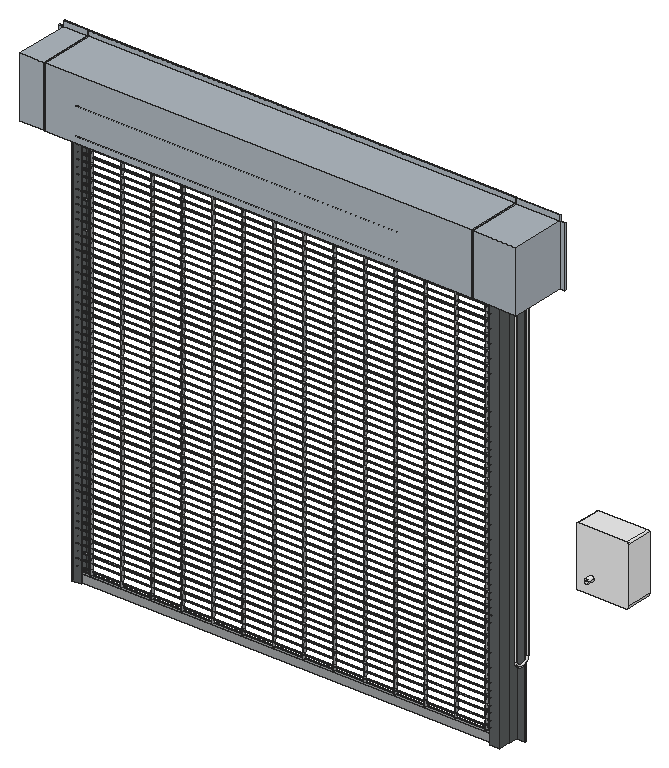
Revit family "Doors_Industrial_Wayne-Dalton_Advanced-Rolling-Grilles-Model-600-ADV", category Specialty Equipment, host Wall, Revit 2026
Family settings
  Host = Wall
  Round Connector Dimension = Use Diameter
  Part Type = Normal
  Classification Number = 23.30.10.21.34
  Enable Cutting in Views = No
  Always vertical = Yes
  Cut with Voids When Loaded = Yes
  Maintain Annotation Orientation = No
  Shared = No
  Room Calculation Point = No
Parameters (values of type "208 volts, one phase, 60 Hz (208-240V range)")
  Warning Sign [instance] = if(Calculated Area > 683.00 SF, 1 = 1, 1 = 2)  # no
  Warning (Note) [instance] = if(Warning Sign, "The Door Area is out of the limit; please adjust accordingly. The maximum allowed area is 683 sq. ft.", if(Opening Height > 360", "Headroom Clearance Dimensions - out of the limits. Consult Factory", " "))  # " "
  Wall Thickness [instance] = 6"
  Voltage = 208 V
  True Opening Width [instance] = Clear Width  # 120"
  True Opening Height [instance] = Clear Height  # 120"
  Default Elevation = 0"
  Curtain Option [instance] = 1
  Slat Length [instance] = Clear Width + G Value * 2 - 1" / 2 * 2  # 126"
  Slat Height [instance] = 8"  # constant formula
  Curtain Option Real [instance] = if(Curtain Option < 2, 1, 2)  # 1
  Product Page URL = "https://www.wayne-dalton.com/advanced-rolling-grille-systems-600adv"
  Power Factor = 1
  Powder Coat (Note) = "PowderGuard® Premium powder coat finish options are available in approximately 200 colors as well as custom matching to specification. PowderGuard® Textured finish, a thicker, more scratch resistant coat, is available in 11 colors providing enhanced scratch resistance as well as aiding in hiding the dirt and blemishes that often occur in commercial environments.​"  # constant formula
  Opening Width Real [instance] = if(Opening Width > Max Opening Width, Max Opening Width, if(Opening Width < Min Opening Width, Min Opening Width, Opening Width))  # 120"
  Opening Width [instance] = 120"
  Opening Height Real [instance] = if(Opening Height > Max Opening Height, Max Opening Height, if(Opening Height < Min Opening Height, Min Opening Height, Opening Height))  # 120"
  Opening Height [instance] = 120"
  One Array element [instance] = not(Array Vis)  # no
  Number of Poles = 1
  Motor Position [instance] = M Value - G Value  # 2 3/4"
  Min Opening Width [instance] = 18"  # constant formula
  Min Opening Height [instance] = 24"  # constant formula
  Max Opening Width [instance] = 360"  # constant formula
  Max Opening Height [instance] = 172"  # constant formula
  M Value [instance] = if(or(Opening Width < 108", Opening Width = 108"), 5 3/4", if(or(Opening Width < 180", Opening Width = 180"), 6 1/4", if(or(Opening Width < 240", Opening Width = 240"), 7 1/4", 9 1/4")))  # 6 1/4"
  Installation Real [instance] = Wall Thickness  # 6"
  Hood Type [instance] = "Square Hood"  # constant formula
  Hood Offset [instance] = 4"  # constant formula
  Hood Material [instance] = Metal - Wayne Dalton - Gray
  Hood Height [instance] = A Value + 2"  # 18"
  Headroom Height Real [instance] = Hood Offset + Hood Height  # 22"
  Headroom Height [instance] = Headroom Height Real + 1 1/2"  # 23 1/2"
  Guide Type [instance] = "Angled Z Guide"  # constant formula
  Guid Depth [instance] = D Value  # 6 1/4"
  G Value [instance] = if(or(Opening Width < 108", Opening Width = 108"), 3", if(or(Opening Width < 180", Opening Width = 180"), 3 1/2", if(or(Opening Width < 240", Opening Width = 240"), 4", 5 9/16")))  # 3 1/2"
  Frequency = 60 Hz
  Face of Wall Offset [instance] = 5"  # constant formula
  Door Width True [instance] = Clear Width + M Value * 2  # 132 1/2"
  Door Width (Real) [instance] = Clear Width + 1"  # 121"
  Door Height True [instance] = Clear Width + Headroom Height  # 143 1/2"
  Door Height (Real) [instance] = Clear Height + Hood Offset  # 124"
  URL = "https://www.wayne-dalton.com/"
  Product data url = "https://www.bimobject.com/wayne-dalton/product/advanced-rolling-grille-systems-600adv"
  Product Guid = "caa39c98-f0d5-4229-9409-0c06314633e1"
  Model = "600 ADV"  # constant formula
  Manufacturer = "Wayne Dalton"  # constant formula
  Wall Closure = By host
  Floor To (CL) of Shaft [instance] = Clear Height + Hood Height / 2 + Hood Offset  # 133"
  Finish Material = Finish - Wayne Dalton - Black
  Description = "Model 600 ADV Advanced Rolling Grille"  # constant formula
  D Value [instance] = if(or(Opening Width < 108", Opening Width = 108"), 5 11/16", if(or(Opening Width < 180", Opening Width = 180"), 6 1/4", if(or(Opening Width < 240", Opening Width = 240"), 6 3/16", 7 1/16")))  # 6 1/4"
  Curtain Type [instance] = if(Curtain Option < 2, "Lattice", "Brick")  # "Lattice"
  Curtain Material Type [instance] = 600 ADV : Aluminum
  Curtain Material 1 [instance] = 600 ADV : Aluminum
  Clear Width [instance] = Opening Width Real  # 120"
  Clear Height [instance] = Opening Height Real  # 120"
  Current = 20 A
  Bottom Bar Selection [instance] = if(Curtain Material Type = Curtain Material 1, 1, 2)  # 1
  Backroom Depth [instance] = A Value + 1/2"  # 16 1/2"
  BJ Displacement Real [instance] = 0"  # constant formula
  Array Vis [instance] = if(Array < 2, 1 = 2, 1 = 1)  # yes
  Array Real [instance] = if(Array < 2, 2, Array)  # 16
  Array Length [instance] = (Array) * Slat Height  # 128"
  Array [instance] = rounddown(([Door Height (Real)] - 3") / Slat Height) + 1  # 16
  Calculated Area [instance] = [Door Width (Real)] * [Door Height (Real)]  # 104.194 SF
  Apparent Load Phase 3 = if(Number of Poles = 1, 0 VA, (Voltage * Current * sqrt(3)) / 3)  # 0 VA
  Apparent Load Phase 2 = if(Number of Poles = 1, 0 VA, (Voltage * Current * sqrt(3)) / 3)  # 0 VA
  Apparent Load Phase 1 = if(Number of Poles = 1, Voltage * Current, (Voltage * Current * sqrt(3)) / 3)  # 4160 VA
  A Value [instance] = if(or(Clear Height < 72", Clear Height = 72"), 14", if(or(Clear Height < 120", Clear Height = 120"), 16", 18"))  # 16"
Types (6): name | Voltage | Number of Poles | Apparent Load Phase 3 | Apparent Load Phase 2 | Apparent Load Phase 1
  208 volts, one phase, 60 Hz (208-240V range) | 208 V | 1 | 0 VA | 0 VA | 4160 VA
  220 volts, one phase, 60 Hz (220-240V range) | 220 V | 1 | 0 VA | 0 VA | 4400 VA
  208 volts, three phase, 60 Hz (208-240V range) | 208 V | 3 | 2401.78 VA | 2401.78 VA | 2401.78 VA
  230 volts, three phase, 60 Hz (220-240V range) | 230 V | 3 | 2655.81 VA | 2655.81 VA | 2655.81 VA
  460 volts, three phase, 60 Hz (440-480 V range) | 460 V | 3 | 5311.62 VA | 5311.62 VA | 5311.62 VA
  575 volts, three phase, 60 Hz | 575 V | 3 | 6639.53 VA | 6639.53 VA | 6639.53 VA
Reference planes (in)
  plane 1 "Center (Front/Back)": y = -14.625
  plane 2 "Center (Left/Right)": x = 0
  plane 3 "Left": x = -60
  plane 4 "Right": x = 60
  plane 5 "Exterior": y = -8.625
  plane 6 "Interior": y = -14.625
  plane 7: x = 66.25
  plane 8: x = -66.25
  plane 9: z = 120
  plane 10 "Main": y = -20.125
  plane 11 "Backroom Depth": y = -32.125
  plane 12 "Main Door Block": y = -15.625
  plane 13 "Bottom Bar": z = 2.75
  plane 14: y = -20.875
  plane 15: z = 130.75
  plane 16: z = 142
  plane 17: z = 124
  plane 18: z = 143.5
  plane 19: z = 0
  plane 20: z = 60
  plane 21: y = -20.03125
  plane 22: y = 18.375
  plane 23: y = -41.625
  plane 24 "Headroom Top": z = 143.5
  plane 25: z = 133
  plane 26: x = 63.5
  plane 27: x = -63.5
  plane 28: z = 122.75
  plane 29: z = 2.75
  plane 30: y = -20.125
  plane 31: z = 122.75
  plane 32: y = -20.125
  plane 33: z = 10.75
  plane 34: y = -20.125
  plane 35: z = 18.75
  plane 36: y = -20.125
  plane 37: z = 26.75
  plane 38: y = -20.125
  plane 39: z = 34.75
  plane 40: y = -20.125
  plane 41: z = 42.75
  plane 42: y = -20.125
  plane 43: z = 50.75
  plane 44: y = -20.125
  plane 45: z = 58.75
  plane 46: y = -20.125
  plane 47: z = 66.75
  plane 48: y = -20.125
  plane 49: z = 74.75
  plane 50: y = -20.125
  plane 51: z = 82.75
  plane 52: y = -20.125
  plane 53: z = 90.75
  plane 54: y = -20.125
  plane 55: z = 98.75
  plane 56: y = -20.125
  plane 57: z = 106.75
  plane 58: y = -20.125
  plane 59: z = 114.75
  plane 60: y = -20.125
Forms (in)
  Extrusion 1, void
    sketch origin (0, -15.625, 0) x (0, 0, -1) y (-1, 0, 0)
      loop
        line (-120, 60) -> (-120, -60) -> (0, -60) -> (0, 60) -> (-120, 60)
    from 1 to 7
Text (in)
  text "Exterior" at (-74.96733, 27.31104, 0), in view "Ref. Level"
  text "Interior" at (-74.96733, -25.14366, 0), in view "Ref. Level"
  text "Exterior" at (0, 40.15149, 123.01588), in view "Right"
  text "Interior" at (0, -64.39139, 123.01588), in view "Right"
  text "Interior" at (0, -31.01599, 123.00693), in view "Left"
  text "Exterior" at (0, 54.57065, 123.00693), in view "Left"
Dimensions and locks (in)
  equal spacing: plane 3 "Left", plane 2 "Center (Left/Right)", plane 4 "Right"
  "Clear Width": plane 3 "Left" to plane 4 "Right"
  level to host wall = 459.59655"
  "Clear Height": level to plane 9
  plane 7 to plane 8 = 132 1/2"
  equal spacing: plane 7, plane 2 "Center (Left/Right)", plane 8
  locked: plane 13 "Bottom Bar" to level at 2.75
  "Door Width True": plane 7 to plane 8
  "Array Length": plane 15 to plane 13 "Bottom Bar"
  "Backroom Depth": plane 11 "Backroom Depth" to plane 12 "Main Door Block"
  "Hood Height": plane 16 to plane 17
  locked: plane 18 to plane 16 at 1.5
  "Installation Real": plane 1 "Center (Front/Back)" to plane 5 "Exterior"
  "Wall Thickness": host wall to host wall
  equal spacing: plane 9, plane 20, plane 19
  equal spacing: plane 22, host wall, plane 23
  locked: plane 22 to plane 23 at 60
  "Hood Offset": plane 17 to plane 9
  "Headroom Height": plane 24 "Headroom Top" to plane 9
  "Floor To (CL) of Shaft": plane 25 to level
  "Motor Position": plane 7 to plane 26
  "Motor Position": plane 27 to plane 8
  "Guid Depth": plane 14 to plane 1 "Center (Front/Back)"
  "Slat Height": plane 15 to plane 28
  equal spacing: group 2, group 16, group 15, group 14, group 13, group 12, group 11, group 10, group 9, group 8, group 7, group 6, group 5, group 4, group 3, group 1  (x2)
  equal spacing: group 1, group 3, group 4, group 5, group 6, group 7, group 8, group 9, group 10, group 11, group 12, group 13, group 14, group 15, group 16, group 2
  locked: plane 14 to plane 10 "Main" at 0.75
  locked: plane 14 to plane 21 at 0.84375
  aligned and locked: plane 5 "Exterior" to host wall
  aligned and locked: host wall to plane 6 "Interior"
  aligned and locked: level to Extrusion 1 sketch curve
  aligned and locked: Extrusion 1 to plane 5 "Exterior"
  aligned and locked: plane 6 "Interior" to Extrusion 1
  aligned and locked: nested 1 to plane 2 "Center (Left/Right)"
  aligned and locked: nested 1 to level
  aligned and locked: level to plane 19
  aligned and locked: nested 1 to plane 1 "Center (Front/Back)"
  aligned and locked: plane 2 "Center (Left/Right)" to nested 2
  aligned and locked: nested 2 to plane 22
  aligned and locked: plane 23 to nested 3
  aligned and locked: nested 3 to plane 2 "Center (Left/Right)"
  aligned and locked: nested 4 to plane 20
  aligned and locked: plane 2 "Center (Left/Right)" to nested 4
  aligned and locked: nested 4 to plane 21
  aligned and locked: plane 4 "Right" to Extrusion 1 sketch curve
  aligned and locked: plane 3 "Left" to Extrusion 1 sketch curve
  aligned and locked: Extrusion 1 sketch curve to plane 9
  aligned and locked: plane 13 "Bottom Bar" to plane 29
  aligned and locked: plane 30 to plane 10 "Main"
  aligned and locked: plane 32 to plane 10 "Main"
  aligned and locked: plane 28 to plane 31
Nested families (in)
  nested 1: "Lifts" at (0, -14.625, 0), type "Frame Unit"
    with Square Hood yes, Round Hood no, Right Motor Position yes, Octagon Hood no, No Hood no
  nested 2: "Label Annotation 1" at (0, 18.375, 0), visible <- "Warning Sign", type "Label Annotation 1"
  nested 3: "Label Annotation 1" at (0, -41.625, 0) x (-1, 0, 0) z (0, 0, 1), visible <- "Warning Sign", type "Label Annotation 1"
  nested 4: "Warning Sign" at (0, -20.03125, 60), visible <- "Warning Sign", type "Warning Sign"
    with Warning Sign no
  nested 5: "600 ADV" at (0, -20.125, 2.75), type <- "Curtain Material Type", Opening Width <- "Slat Length", Slat Option <- "Curtain Option Real", type "Aluminum"
    with Step H 9", Slat Option 1, SetBack 2", Second Rod Position 1.38", Overall Height 8.38", Opening Width 126", Lattice yes, First Rod Position 1", Brick End yes, Brick no, Array Visibility yes, Array Real 13, Array Length 117.16", Array 13, 1 Element Visibility no
  nested 6: "600 ADV" at (0, -20.125, 122.75), type <- "Curtain Material Type", Opening Width <- "Slat Length", Slat Option <- "Curtain Option Real", type "Aluminum"
    with Step H 9", Slat Option 1, SetBack 2", Second Rod Position 1.38", Overall Height 8.38", Opening Width 126", Lattice yes, First Rod Position 1", Brick End yes, Brick no, Array Visibility yes, Array Real 13, Array Length 117.16", Array 13, 1 Element Visibility no
  nested 7: "600 ADV" at (0, -20.125, 10.75), type <- "Curtain Material Type", Opening Width <- "Slat Length", Slat Option <- "Curtain Option Real", type "Aluminum"
    with Step H 9", Slat Option 1, SetBack 2", Second Rod Position 1.38", Overall Height 8.38", Opening Width 126", Lattice yes, First Rod Position 1", Brick End yes, Brick no, Array Visibility yes, Array Real 13, Array Length 117.16", Array 13, 1 Element Visibility no
  nested 8: "600 ADV" at (0, -20.125, 18.75), type <- "Curtain Material Type", Opening Width <- "Slat Length", Slat Option <- "Curtain Option Real", type "Aluminum"
    with Step H 9", Slat Option 1, SetBack 2", Second Rod Position 1.38", Overall Height 8.38", Opening Width 126", Lattice yes, First Rod Position 1", Brick End yes, Brick no, Array Visibility yes, Array Real 13, Array Length 117.16", Array 13, 1 Element Visibility no
  nested 9: "600 ADV" at (0, -20.125, 26.75), type <- "Curtain Material Type", Opening Width <- "Slat Length", Slat Option <- "Curtain Option Real", type "Aluminum"
    with Step H 9", Slat Option 1, SetBack 2", Second Rod Position 1.38", Overall Height 8.38", Opening Width 126", Lattice yes, First Rod Position 1", Brick End yes, Brick no, Array Visibility yes, Array Real 13, Array Length 117.16", Array 13, 1 Element Visibility no
  nested 10: "600 ADV" at (0, -20.125, 34.75), type <- "Curtain Material Type", Opening Width <- "Slat Length", Slat Option <- "Curtain Option Real", type "Aluminum"
    with Step H 9", Slat Option 1, SetBack 2", Second Rod Position 1.38", Overall Height 8.38", Opening Width 126", Lattice yes, First Rod Position 1", Brick End yes, Brick no, Array Visibility yes, Array Real 13, Array Length 117.16", Array 13, 1 Element Visibility no
  nested 11: "600 ADV" at (0, -20.125, 42.75), type <- "Curtain Material Type", Opening Width <- "Slat Length", Slat Option <- "Curtain Option Real", type "Aluminum"
    with Step H 9", Slat Option 1, SetBack 2", Second Rod Position 1.38", Overall Height 8.38", Opening Width 126", Lattice yes, First Rod Position 1", Brick End yes, Brick no, Array Visibility yes, Array Real 13, Array Length 117.16", Array 13, 1 Element Visibility no
  nested 12: "600 ADV" at (0, -20.125, 50.75), type <- "Curtain Material Type", Opening Width <- "Slat Length", Slat Option <- "Curtain Option Real", type "Aluminum"
    with Step H 9", Slat Option 1, SetBack 2", Second Rod Position 1.38", Overall Height 8.38", Opening Width 126", Lattice yes, First Rod Position 1", Brick End yes, Brick no, Array Visibility yes, Array Real 13, Array Length 117.16", Array 13, 1 Element Visibility no
  nested 13: "600 ADV" at (0, -20.125, 58.75), type <- "Curtain Material Type", Opening Width <- "Slat Length", Slat Option <- "Curtain Option Real", type "Aluminum"
    with Step H 9", Slat Option 1, SetBack 2", Second Rod Position 1.38", Overall Height 8.38", Opening Width 126", Lattice yes, First Rod Position 1", Brick End yes, Brick no, Array Visibility yes, Array Real 13, Array Length 117.16", Array 13, 1 Element Visibility no
  nested 14: "600 ADV" at (0, -20.125, 66.75), type <- "Curtain Material Type", Opening Width <- "Slat Length", Slat Option <- "Curtain Option Real", type "Aluminum"
    with Step H 9", Slat Option 1, SetBack 2", Second Rod Position 1.38", Overall Height 8.38", Opening Width 126", Lattice yes, First Rod Position 1", Brick End yes, Brick no, Array Visibility yes, Array Real 13, Array Length 117.16", Array 13, 1 Element Visibility no
  nested 15: "600 ADV" at (0, -20.125, 74.75), type <- "Curtain Material Type", Opening Width <- "Slat Length", Slat Option <- "Curtain Option Real", type "Aluminum"
    with Step H 9", Slat Option 1, SetBack 2", Second Rod Position 1.38", Overall Height 8.38", Opening Width 126", Lattice yes, First Rod Position 1", Brick End yes, Brick no, Array Visibility yes, Array Real 13, Array Length 117.16", Array 13, 1 Element Visibility no
  nested 16: "600 ADV" at (0, -20.125, 82.75), type <- "Curtain Material Type", Opening Width <- "Slat Length", Slat Option <- "Curtain Option Real", type "Aluminum"
    with Step H 9", Slat Option 1, SetBack 2", Second Rod Position 1.38", Overall Height 8.38", Opening Width 126", Lattice yes, First Rod Position 1", Brick End yes, Brick no, Array Visibility yes, Array Real 13, Array Length 117.16", Array 13, 1 Element Visibility no
  nested 17: "600 ADV" at (0, -20.125, 90.75), type <- "Curtain Material Type", Opening Width <- "Slat Length", Slat Option <- "Curtain Option Real", type "Aluminum"
    with Step H 9", Slat Option 1, SetBack 2", Second Rod Position 1.38", Overall Height 8.38", Opening Width 126", Lattice yes, First Rod Position 1", Brick End yes, Brick no, Array Visibility yes, Array Real 13, Array Length 117.16", Array 13, 1 Element Visibility no
  nested 18: "600 ADV" at (0, -20.125, 98.75), type <- "Curtain Material Type", Opening Width <- "Slat Length", Slat Option <- "Curtain Option Real", type "Aluminum"
    with Step H 9", Slat Option 1, SetBack 2", Second Rod Position 1.38", Overall Height 8.38", Opening Width 126", Lattice yes, First Rod Position 1", Brick End yes, Brick no, Array Visibility yes, Array Real 13, Array Length 117.16", Array 13, 1 Element Visibility no
  nested 19: "600 ADV" at (0, -20.125, 106.75), type <- "Curtain Material Type", Opening Width <- "Slat Length", Slat Option <- "Curtain Option Real", type "Aluminum"
    with Step H 9", Slat Option 1, SetBack 2", Second Rod Position 1.38", Overall Height 8.38", Opening Width 126", Lattice yes, First Rod Position 1", Brick End yes, Brick no, Array Visibility yes, Array Real 13, Array Length 117.16", Array 13, 1 Element Visibility no
  nested 20: "600 ADV" at (0, -20.125, 114.75), type <- "Curtain Material Type", Opening Width <- "Slat Length", Slat Option <- "Curtain Option Real", type "Aluminum"
    with Step H 9", Slat Option 1, SetBack 2", Second Rod Position 1.38", Overall Height 8.38", Opening Width 126", Lattice yes, First Rod Position 1", Brick End yes, Brick no, Array Visibility yes, Array Real 13, Array Length 117.16", Array 13, 1 Element Visibility no
Connectors (in)
  electrical at (94.92963, -22.165, 60.07037), driven by "Voltage", driven by "Apparent Load Phase 1", driven by "Apparent Load Phase 2", driven by "Apparent Load Phase 3", driven by "Power Factor", driven by "Number of Poles"
    settings: on nested 1, index 1, voltage 208 V, apparent load 0 VA, apparent load phase1 4160 VA, apparent load phase2 0 VA, apparent load phase3 0 VA, power factor 1, load classification "Other", number of poles 1, system type 31, power factor state 1, is connector primary yes, connector utility no, sub classification motor no, connector description "Electrical Connector"
Definition of nested family "Lifts"
  Parameters (values of type "Frame Unit")
    True Width = if(Between Jambs, Opening Width, Opening Width + 1/2")  # 120 1/2"
    Square Hood [instance] = if(Hood Option = 2, 1 = 1, 1 = 2)  # yes
    Slat Material2 = none
    Slat Material1 = none
    Slat 2 = not(Slat 1)  # no
    Slat 1 = BB V = 1  # yes
    Round Hood [instance] = if(Hood Option > 3, 1 = 1, 1 = 2)  # no
    Rough Width = 0"
    Rough Height = 0"
    Right Motor Position [instance] = yes
    Octagon Hood [instance] = if(Hood Option = 3, 1 = 1, 1 = 2)  # no
    No Hood [instance] = if(Hood Option < 2, 1 = 1, 1 = 2)  # no
    M Value = 6 1/4"
    Hood Type = if(Hood Option < 2, "No Hood", if(Hood Option = 2, "Square Hood", if(Hood Option = 3, "Octagon Hood", "Round Hood")))  # "Square Hood"
    Hood Option = 2
    Hood Offset = 4"
    Hood Height = Headroom Height Real - Hood Offset  # 18"
    Headroom Height Real = Headroom Height  # 22"
    Half Hood Height = Headroom Height - Hood Offset  # 18"
    G Value = 3 1/2"
    E Guide Width = if(Between Jambs, Guide Offset - G Value + BJ Connection Length - BJ Displacement * 2 / 3, 3")  # 3"
    E Guide Height = 3"  # constant formula
    Z Guide = 1 = 1  # yes
    Shaft Offset = if(Hood Height < Header Width, (Header Width - (Header Width - Hood Height)) / 2, Header Width / 2)  # 8 1/4"
    Shaft Length 2 = 18"  # constant formula
    Shaft Length 1 = 12"  # constant formula
    Setback = if(Between Jambs, 0", 1/2")  # 1/2"
    Opening Width = 120"
    Hood Material = none
    Headroom Height = 22"
    Header Width = 16 1/2"
    Opening Height = 120"
    Guide Type = if(Between Jambs, "Angled Between Jambs Z Guide", if(Guide Option > 1, "Angled Z Guide", "Angled E Guide"))  # "Angled Z Guide"
    Guide Option = if(Between Jambs, 1, 2)  # 2
    Guide Offset = BJ Displacement + G Value  # 3 1/2"
    Guide Z Wide = if(Between Jambs, Guide Offset - G Value + BJ Connection Length - BJ Displacement * 2 / 3, M Value - G Value)  # 2 3/4"
    Guide Z Height = 3"  # constant formula
    Floor To (CL) of Shaft = 133"
    Finish Material = none
    Face to Wall Mount = not(Between Jambs)  # yes
    E Guide = if(Between Jambs, 1 = 1, 1 = 2)  # no
    Default Elevation = 0"
    D Value = 6 1/4"
    Chain offset = if(Opening Height < 35", Opening Height - 5", 30")  # 30"
    Between Jambs = no
    BJ Position = if(Between Jambs, 1/4", 0")  # 0"
    BJ Displacement = 0"
    BJ Connection Length = 1 / 3 * BJ Displacement  # 0"
    BB V = 1
    Angled Guide = 1 = 1  # yes
    Aditional Elements Material = none
    1 = 15 1/2"  # constant formula
  Reference planes (in)
    plane 1 "Center (Front/Back)": y = 0
    plane 2: z = 0
    plane 3 "Center (Left/Right)": x = 0
    plane 4 "Opening Height": z = 120
    plane 5: x = -72
    plane 6: x = 78
    plane 7: z = 142
    plane 8: y = 16.5
    plane 9 "Real Opening 2": x = -60
    plane 10 "Real Opening 1": x = 60
    plane 11: z = 124
    plane 12 "Main": y = 0
    plane 13: z = 133
    plane 14: x = 63.5
    plane 15: x = -63.5
    plane 16: x = -63.5
    plane 17: x = 63.5
    plane 18: y = 6.25
    plane 19: x = -63.25
    plane 20: x = 63.25
    plane 21: z = 143.5
    plane 22: y = 6.25
    plane 23: y = 5.125
    plane 24: y = 6.25
    plane 25: y = 5.125
    plane 26: y = 0.25
    plane 27: z = 124
    plane 28: z = 30
    plane 29: z = 0
    plane 30: x = 74
    plane 31: x = 95
    plane 32: z = 60
    plane 33: y = 7.54
    plane 34: x = 76.25
    plane 35: x = -70.25
    plane 36: y = 6.25
    plane 37: y = 5.125
    plane 38: y = 6.25
    plane 39: y = 5.125
  Forms (in)
    Extrusion 1, solid, material <- "Slat Material1", visible <- "Slat 1"
      sketch origin (0, 0, 0) x (0, 1, 0) y (0, 0, 1)
        loop
          line (5.4375, 2.375) -> (5.4375, 2.75) -> (4.8125, 2.75) -> (4.8125, 2.375) -> (5.4375, 2.375)
      from -63.25 to 63.25
    Extrusion 2, solid, material <- "Slat Material1", visible <- "Slat 1"
      sketch origin (0, 0, 0) x (0, 1, 0) y (0, 0, 1)
        loop
          line (5.4375, 2.375) -> (4.8125, 2.375) -> (4.8125, 0) -> (5.4375, 0) -> (5.4375, 2.375)
      from -63.25 to 63.25
    Extrusion 3, solid, material <- "Aditional Elements Material"
      sketch origin (0, -5.35201, 0) x (0, 1, 0) y (0, 0, 1)
        loop
          circle (13.60201, 133) r 0.6
      from -70.25 to 76.25
    Extrusion 4, solid, material <- "Hood Material", visible <- "Square Hood"
      sketch origin (0, 0, 0) x (0, 1, 0) y (0, 0, 1)
        loop
          line (0, 124) -> (16.5, 124) -> (16.5, 143.5) -> (0, 143.5) -> (0, 124)
      from -63.25 to 63.25
    Extrusion 5, solid, material <- "Finish Material", visible <- "E Guide"
      sketch origin (0, 0, 0) x (1, 0, 0) y (0, 1, 0)
        loop
          line (60.5, 0) -> (63.5, 0) -> (63.5, 3) -> (63.4375, 3)
          arc (63.4375, 3) -> (63.30492, 2.94508) -> (63.25, 2.8125) r 0.1875
          line (63.25, 2.8125) -> (63.25, 0.25) -> (60.6875, 0.25)
          arc (60.6875, 0.25) -> (60.55492, 0.19508) -> (60.5, 0.0625) r 0.1875
          line (60.5, 0.0625) -> (60.5, 0)
        loop
          line (-60.5, 0) -> (-60.5, 0.0625)
          arc (-60.5, 0.0625) -> (-60.55492, 0.19508) -> (-60.6875, 0.25) r 0.1875
          line (-60.6875, 0.25) -> (-63.25, 0.25) -> (-63.25, 2.8125)
          arc (-63.25, 2.8125) -> (-63.30492, 2.94508) -> (-63.4375, 3) r 0.1875
          line (-63.4375, 3) -> (-63.5, 3) -> (-63.5, 0) -> (-60.5, 0)
      from 0 to 124
    Extrusion 6, solid, material <- "Finish Material", visible <- "Z Guide"
      sketch origin (0, 0, 0) x (1, 0, 0) y (0, 1, 0)
        loop
          line (66.25, 0) -> (66.25, 0.062)
          arc (66.25, 0.062) -> (66.19494, 0.19494) -> (66.062, 0.25) r 0.188
          line (66.062, 0.25) -> (63.75, 0.25) -> (63.75, 2.812)
          arc (63.75, 2.812) -> (63.69494, 2.94494) -> (63.562, 3) r 0.188
          line (63.562, 3) -> (63.5, 3) -> (63.5, 0) -> (66.25, 0)
        loop
          line (-66.25, 0) -> (-63.5, 0) -> (-63.5, 3) -> (-63.562, 3)
          arc (-63.562, 3) -> (-63.69494, 2.94494) -> (-63.75, 2.812) r 0.188
          line (-63.75, 2.812) -> (-63.75, 0.25) -> (-66.062, 0.25)
          arc (-66.062, 0.25) -> (-66.19494, 0.19494) -> (-66.25, 0.062) r 0.188
          line (-66.25, 0.062) -> (-66.25, 0)
      from 0 to 124
    Extrusion 7, solid, material <- "Finish Material", visible <- "Angled Guide"
      sketch origin (0, 0, 0) x (1, 0, 0) y (0, 1, 0)
        loop
          line (60.5, 6.25) -> (60.5, 6.187)
          arc (60.5, 6.187) -> (60.55477, 6.05477) -> (60.687, 6) r 0.187
          line (60.687, 6) -> (63.25, 6) -> (63.25, 4.25) -> (60.5, 4.25) -> (60.5, 4.187)
          arc (60.5, 4.187) -> (60.55477, 4.05477) -> (60.687, 4) r 0.187
          line (60.687, 4) -> (63, 4) -> (63, 2.3125) -> (63.25, 2.3125) -> (63.25, 2) -> (63.5, 2) -> (63.5, 6.25) -> (60.5, 6.25)
        loop
          line (-60.5, 6.25) -> (-63.5, 6.25) -> (-63.5, 2) -> (-63.25, 2) -> (-63.25, 2.3125) -> (-63, 2.3125) -> (-63, 4) -> (-60.687, 4)
          arc (-60.687, 4) -> (-60.55477, 4.05477) -> (-60.5, 4.187) r 0.187
          line (-60.5, 4.187) -> (-60.5, 4.25) -> (-63.25, 4.25) -> (-63.25, 6) -> (-60.687, 6)
          arc (-60.687, 6) -> (-60.55477, 6.05477) -> (-60.5, 6.187) r 0.187
          line (-60.5, 6.187) -> (-60.5, 6.25)
      from 0 to 124
    Extrusion 8, solid, material <- "Hood Material"
      sketch origin (0, 0, 0) x (-1, 0, 0) y (0, 0, 1)
        loop
          line (63.25, 124) -> (63.5, 124) -> (63.5, 142) -> (63.25, 142) -> (63.25, 124)
        loop
          line (-63.5, 124) -> (-63.25, 124) -> (-63.25, 142) -> (-63.5, 142) -> (-63.5, 124)
      from 0 to 16.5
    Extrusion 9, solid, material <- "Hood Material"
      sketch origin (0, 0, 0) x (1, 0, 0) y (0, 1, 0)
        loop
          line (-72, 0) -> (-63.5, 0) -> (-63.5, 16.5) -> (-72, 16.5) -> (-72, 0)
        loop
          line (78, 0) -> (78, 16.5) -> (63.5, 16.5) -> (63.5, 0) -> (78, 0)
      from 124 to 143.5
    Extrusion 10, void
      sketch origin (0, 0, 0) x (1, 0, 0) y (0, 0, 1)
        loop
          line (-72, 143.5) -> (-72, 124) -> (-70.5, 124) -> (-70.5, 142) -> (76.5, 142) -> (76.5, 120) -> (78, 120) -> (78, 143.5) -> (-72, 143.5)
      from -0.25 to -16.5
    Extrusion 11, void
      sketch origin (0, 0, 0) x (1, 0, 0) y (0, 0, 1)
        loop
          line (-72, 142) -> (-70.5, 142) -> (-70.5, 143.5) -> (-72, 143.5) -> (-72, 142)
        loop
          line (78, 142) -> (78, 143.5) -> (76.5, 143.5) -> (76.5, 142) -> (78, 142)
      from 0 to -0.25
    Sweep 12, solid, material <- "Aditional Elements Material"
      path origin (74, -12.75, 1000) x (0, -1, 0) y (0, 0, 1)
        loop
          line (-26.53866, -876) -> (-26.53866, -970)
          arc (-26.53866, -970) -> (-24.10116, -972.4375) -> (-21.66366, -970) r 2.4375
          line (-21.66366, -970) -> (-21.66366, -876)
      profile origin (74, 13.78866, 77) x (-1, 0, 0) y (0, -1, 0)
        loop
          circle (0, 0.2675) r 0.2675
    Extrusion 13, solid, material <- "Aditional Elements Material"
      sketch origin (95, 0, 60) x (1, 0, 0) y (0, 0, 1)
        loop
          line (7.25, 8.90625) -> (-7.25, 8.90625)
          arc (-7.25, 8.90625) -> (-7.60355, 8.7598) -> (-7.75, 8.40625) r 0.5
          line (-7.75, 8.40625) -> (-7.75, -8.40625)
          arc (-7.75, -8.40625) -> (-7.60355, -8.7598) -> (-7.25, -8.90625) r 0.5
          line (-7.25, -8.90625) -> (6.68702, -8.90625)
          arc (6.68702, -8.90625) -> (7.43866, -8.59491) -> (7.75, -7.84327) r 1.06298
          line (7.75, -7.84327) -> (7.75, 8.40625)
          arc (7.75, 8.40625) -> (7.60355, 8.7598) -> (7.25, 8.90625) r 0.5
      from 0 to -7.54
    Revolve 14, solid, material <- "Aditional Elements Material", visible <- "Right Motor Position"
      sketch origin (95, 0, 55.5) x (0, -1, 0) y (1, 0, 0)
        loop
          line (-7.54, -3.41542) -> (-7.54, -2.66542) -> (-9.312, -2.81542) -> (-9.312, -3.41542) -> (-7.54, -3.41542)
        axis (-7.54, -3.41542) -> (-9.312, -3.41542)
      angle from 0 to 360
    Extrusion 15, solid, material <- "Slat Material2", visible <- "Slat 2"
      sketch origin (0, 6.25, 0) x (0, 1, 0) y (0, 0, 1)
        loop
          line (-0.8125, 2.375) -> (-0.8125, 2.75) -> (-1.4375, 2.75) -> (-1.4375, 2.375) -> (-0.8125, 2.375)
      from -63.25 to 63.25
    Extrusion 16, solid, material <- "Slat Material2", visible <- "Slat 2"
      sketch origin (0, 6.25, 0) x (0, 1, 0) y (0, 0, 1)
        loop
          line (-0.8125, 2.375) -> (-1.4375, 2.375) -> (-1.4375, 0) -> (-0.8125, 0) -> (-0.8125, 2.375)
      from -63.25 to 63.25
  Cuts and joins
    Extrusion 10, Extrusion 11 cuts Extrusion 9
    Extrusion 10 cuts Extrusion 4
  Lines and regions (in)
    Masking region 1
      outline origin (0, 0, 0) x (1, 0, 0) y (0, 1, 0)
        loop
          line (-63.5, 16.5) -> (-63.5, 0) -> (63.5, 0) -> (63.5, 16.5) -> (-63.5, 16.5)
    Masking region 2
      outline origin (0, 0, 0) x (1, 0, 0) y (0, 1, 0)
        loop
          line (63.5, 0) -> (78, 0) -> (78, 0.25) -> (76.5, 0.25) -> (76.5, 16.5) -> (63.5, 16.5) -> (63.5, 0)
        loop
          line (-63.5, 0) -> (-63.5, 16.5) -> (-70.5, 16.5) -> (-70.5, 0.25) -> (-72, 0.25) -> (-72, 0) -> (-63.5, 0)
    Masking region 3
      outline origin (0, 0, 0) x (1, 0, 0) y (0, 1, 0)
        loop
          line (87.25, 7.54) -> (87.25, 0) -> (102.75, 0) -> (102.75, 7.54) -> (87.25, 7.54)
    Masking region 4
      outline origin (91.64, 2.54, 60) x (0, -1, 0) y (1, 0, 0)
        loop
          line (-6.772, 0.54458) -> (-6.772, -0.65542) -> (-5, -0.80542) -> (-5, 0.69458) -> (-6.772, 0.54458)
    symbolic lines
      curve 1: line (-63.25, 0, 0) -> (-63.25, 16.5, 0)
      curve 2: line (63.25, 16.5, 0) -> (63.25, 0, 0)
      curve 4: line (-72, 0.25, 0) -> (78, 0.25, 0)
    symbolic lines, visible <- "Octagon Hood"
      curve 3: line (-63.25, 12.69239, 0) -> (63.25, 12.69239, 0)
    reference lines
      curve 5: line (95, 0, 60) -> (104, 0, 60)
      curve 6: line (95, 0, 55.5) -> (100.75, 0, 55.5)
  Dimensions and locks (in)
    Extrusion 1 sketch curve to level = 2 3/8"
    locked: Extrusion 1 sketch curve to Extrusion 1 sketch curve at 0.625
    locked: Extrusion 2 sketch curve to level at 2.375
    "Headroom Height Real": plane 7 to plane 4 "Opening Height"
    plane 8 to plane 1 "Center (Front/Back)" = 16 1/2"
    "Opening Height": plane 4 "Opening Height" to level
    "Hood Offset": plane 11 to plane 4 "Opening Height"
    "BJ Position": plane 12 "Main" to plane 1 "Center (Front/Back)"
    "Header Width": plane 12 "Main" to plane 8
    "Floor To (CL) of Shaft": plane 13 to level
    "Shaft Offset": Extrusion 3 sketch curve to plane 8
    locked: Extrusion 2 sketch curve to Extrusion 2 sketch curve at 0.625
    "Guide Offset": plane 10 "Real Opening 1" to plane 14
    "Guide Offset": plane 15 to plane 9 "Real Opening 2"
    locked: Extrusion 5 sketch curve to Extrusion 5 sketch curve at 0.25  (x4)
    "E Guide Height": Extrusion 5 sketch curve to Extrusion 5 sketch curve  (x2)
    "E Guide Width": Extrusion 5 sketch curve to Extrusion 5 sketch curve  (x2)
    locked: Extrusion 6 sketch curve to Extrusion 6 sketch curve at 0.25  (x4)
    "Guide Z Wide": Extrusion 6 sketch curve to Extrusion 6 sketch curve  (x2)
    "Guide Z Height": Extrusion 6 sketch curve to Extrusion 6 sketch curve  (x2)
    locked: Extrusion 7 sketch curve to Extrusion 7 sketch curve at 0.25  (x8)
    locked: Extrusion 7 sketch curve to Extrusion 7 sketch curve at 2.25  (x2)
    locked: Extrusion 7 sketch curve to Extrusion 7 sketch curve at 4.25  (x2)
    locked: Extrusion 7 sketch curve to Extrusion 7 sketch curve at 0.3125  (x2)
    "Setback": plane 10 "Real Opening 1" to Extrusion 7 sketch curve
    "Setback": Extrusion 7 sketch curve to plane 9 "Real Opening 2"
    equal spacing: plane 15, plane 3 "Center (Left/Right)", plane 14
    "G Value": Extrusion 6 sketch curve to plane 9 "Real Opening 2"
    "G Value": plane 10 "Real Opening 1" to Extrusion 6 sketch curve
    "G Value": plane 10 "Real Opening 1" to plane 17
    "G Value": plane 16 to plane 9 "Real Opening 2"
    "Shaft Length 1": plane 5 to plane 9 "Real Opening 2"
    "Shaft Length 2": plane 6 to plane 10 "Real Opening 1"
    locked: Extrusion 2 to plane 17 at 0.25
    locked: Extrusion 2 to plane 16 at 0.25
    locked: plane 16 to plane 19 at 0.25
    locked: plane 20 to plane 17 at 0.25
    equal spacing: plane 9 "Real Opening 2", plane 3 "Center (Left/Right)", plane 10 "Real Opening 1"
    "Opening Width": plane 9 "Real Opening 2" to plane 10 "Real Opening 1"
    locked: plane 21 to plane 7 at 1.5
    "D Value": plane 1 "Center (Front/Back)" to plane 18
    "D Value": plane 22 to plane 1 "Center (Front/Back)"
    locked: plane 22 to plane 23 at 1.125
    equal spacing: Extrusion 1 sketch curve, plane 23, Extrusion 1 sketch curve
    "D Value": plane 24 to plane 1 "Center (Front/Back)"
    locked: plane 24 to plane 25 at 1.125
    equal spacing: Extrusion 2 sketch curve, plane 25, Extrusion 2 sketch curve
    "G Value": plane 10 "Real Opening 1" to Extrusion 7 sketch curve
    "G Value": Extrusion 7 sketch curve to plane 9 "Real Opening 2"
    locked: Extrusion 10 sketch curve to Extrusion 10 sketch curve at 1.5  (x2)
    locked: plane 26 to plane 12 "Main" at 0.25
    locked: Extrusion 11 sketch curve to Extrusion 11 sketch curve at 1.5  (x2)
    "Chain offset": plane 28 to plane 29
    locked: plane 30 to plane 6 at 4
    locked: plane 20 to plane 31 at 31.75
    locked: plane 32 to level at 60
    locked: curve 5 to curve 5 at 9
    equal spacing: Masking region 3 sketch curve, plane 31, Masking region 3 sketch curve
    locked: Revolve 14 sketch curve to Revolve 14 sketch curve at 0.6
    locked: Revolve 14 sketch curve to Revolve 14 sketch curve at 0.75
    locked: plane 33 to Revolve 14 sketch curve at 1.772
    locked: Masking region 3 sketch curve to Masking region 3 sketch curve at 7.54
    locked: curve 5 to curve 6 at 4.5
    locked: curve 6 to curve 6 at 5.75
    locked: Masking region 3 sketch curve to plane 31 at 7.75
    locked: plane 34 to plane 6 at 1.75
    locked: plane 5 to plane 35 at 1.75
    locked: Extrusion 15 sketch curve to Extrusion 15 sketch curve at 0.625
    locked: Extrusion 16 sketch curve to Extrusion 16 sketch curve at 0.625
    locked: plane 36 to plane 37 at 1.125
    equal spacing: Extrusion 15 sketch curve, plane 37, Extrusion 15 sketch curve
    locked: plane 38 to plane 39 at 1.125
    equal spacing: Extrusion 16 sketch curve, plane 39, Extrusion 16 sketch curve
    locked: Extrusion 16 sketch curve to level at 2.375
    "D Value": plane 12 "Main" to plane 38
    locked: Extrusion 15 sketch curve to Extrusion 15 sketch curve at 0.375
    locked: Extrusion 15 sketch curve to level at 2.375
    "D Value": plane 12 "Main" to plane 36
    radius of Extrusion 5 sketch curve = 3/16"  (x4)
    radius of Extrusion 6 sketch curve = 0.188"  (x4)
    locked: Extrusion 7 sketch curve to Extrusion 7 sketch curve (radius 0.187")  (x4)
    aligned and locked: plane 2 to level
    aligned and locked: Extrusion 4 sketch curve to plane 8
    aligned and locked: plane 13 to Extrusion 3 sketch curve
    aligned and locked: plane 12 "Main" to Extrusion 5 sketch curve  (x2)
    aligned and locked: Extrusion 5 sketch curve to plane 14
    aligned and locked: plane 15 to Extrusion 5 sketch curve
    aligned and locked: Extrusion 6 sketch curve to plane 1 "Center (Front/Back)"  (x2)
    aligned and locked: Extrusion 7 sketch curve to Extrusion 7 sketch curve  (x4)
    aligned and locked: plane 18 to Extrusion 7 sketch curve
    aligned and locked: Extrusion 7 sketch curve to plane 18
    aligned and locked: plane 12 "Main" to Extrusion 4 sketch curve
    aligned and locked: Extrusion 8 sketch curve to plane 11  (x2)
    aligned and locked: Extrusion 8 sketch curve to plane 7  (x2)
    aligned and locked: plane 16 to Extrusion 8 sketch curve
    aligned and locked: Extrusion 8 sketch curve to plane 17
    aligned and locked: Masking region 1 sketch curve to Extrusion 4
    aligned and locked: Masking region 1 to curve 2  (x2)
    aligned and locked: Masking region 1 to curve 1  (x2)
    aligned and locked: Extrusion 2 to Extrusion 1
    aligned and locked: Extrusion 1 to Extrusion 2
    aligned and locked: Masking region 1 to plane 16
    aligned and locked: Masking region 1 to plane 17
    aligned and locked: plane 19 to Extrusion 8 sketch curve
    aligned and locked: plane 20 to Extrusion 8 sketch curve
    aligned and locked: plane 19 to Extrusion 4
    aligned and locked: Extrusion 4 to plane 20
    aligned and locked: plane 8 to Extrusion 8
    aligned and locked: plane 19 to curve 3
    aligned and locked: plane 20 to curve 3
    aligned and locked: Extrusion 4 sketch curve to plane 11
    aligned and locked: Extrusion 6 to plane 11
    aligned and locked: plane 11 to Extrusion 5
    aligned and locked: plane 11 to Extrusion 7
    aligned and locked: Extrusion 9 sketch curve to plane 5
    aligned and locked: plane 16 to Extrusion 9 sketch curve
    aligned and locked: plane 1 "Center (Front/Back)" to Extrusion 9 sketch curve
    aligned and locked: Extrusion 9 sketch curve to plane 8  (x2)
    aligned and locked: Extrusion 9 sketch curve to plane 6
    aligned and locked: Extrusion 9 sketch curve to plane 14
    aligned and locked: Extrusion 9 sketch curve to plane 1 "Center (Front/Back)"
    aligned and locked: Extrusion 9 to plane 11
    aligned and locked: Extrusion 9 to plane 21
    aligned and locked: Extrusion 10 sketch curve to plane 21
    aligned and locked: Extrusion 10 sketch curve to plane 7
    aligned and locked: Extrusion 10 sketch curve to plane 5
    aligned and locked: Extrusion 10 sketch curve to plane 6
    aligned and locked: Extrusion 10 sketch curve to plane 11
    aligned and locked: Extrusion 10 sketch curve to plane 4 "Opening Height"
    aligned and locked: Extrusion 10 to plane 8
    aligned and locked: Extrusion 10 to plane 26
    aligned and locked: Extrusion 4 sketch curve to plane 21
    aligned and locked: Extrusion 11 sketch curve to plane 5
    aligned and locked: Extrusion 11 sketch curve to plane 6
    aligned and locked: Extrusion 11 sketch curve to plane 7
    aligned and locked: Extrusion 11 sketch curve to plane 21
    aligned and locked: plane 21 to Extrusion 11 sketch curve
    aligned and locked: plane 7 to Extrusion 11 sketch curve
    aligned and locked: plane 26 to Extrusion 11
    aligned and locked: Extrusion 11 to plane 1 "Center (Front/Back)"
    aligned and locked: Masking region 2 sketch curve to plane 14
    aligned and locked: Masking region 2 sketch curve to cut or joined group of Extrusion 9, Extrusion 10, Extrusion 11  (x5)
    aligned and locked: cut or joined group of Extrusion 9, Extrusion 10, Extrusion 11 to Masking region 2 sketch curve
    aligned and locked: Masking region 2 sketch curve to plane 6
    aligned and locked: plane 16 to Masking region 2 sketch curve
    aligned and locked: Masking region 2 sketch curve to plane 26
    aligned and locked: Masking region 2 sketch curve to plane 5
    aligned and locked: plane 1 "Center (Front/Back)" to Masking region 2 sketch curve
    aligned and locked: curve 4 to plane 26
    aligned and locked: plane 6 to curve 4
    aligned and locked: plane 5 to curve 4
    aligned and locked: plane 27 to Sweep 12 sketch curve  (x2)
    aligned and locked: plane 28 to Sweep 12 sketch curve  (x2)
    aligned and locked: plane 11 to plane 27
    aligned and locked: level to plane 29
    aligned and locked: plane 31 to curve 5
    aligned and locked: curve 5 to plane 32
    aligned and locked: Revolve 14 sketch curve to Revolve 14 sketch curve
    aligned and locked: Revolve 14 sketch curve to plane 33
    aligned and locked: Masking region 4 sketch curve to Revolve 14  (x2)
    aligned and locked: Masking region 3 sketch curve to plane 1 "Center (Front/Back)"
    aligned and locked: plane 31 to curve 6
    aligned and locked: Extrusion 3 to plane 34
    aligned and locked: plane 35 to Extrusion 3
    aligned and locked: Extrusion 16 to Extrusion 15
    aligned and locked: Extrusion 15 to Extrusion 16
    aligned and locked: level to Extrusion 16 sketch curve
    aligned and locked: plane 19 to Extrusion 16
    aligned and locked: Extrusion 16 to plane 20
  Automatic sketch dimensions
    curve 3 to curve 2 = 3.80761"
    Masking region 1 sketch curve to plane 1 "Center (Front/Back)" = 0"
    Masking region 1 sketch curve to plane 15 = 0"
    Masking region 1 sketch curve to plane 14 = 0"
    Sweep 12 sketch curve to plane 8 = 2.71134"
    Sweep 12 sketch curve to Sweep 12 sketch curve = 2 7/16"
    Sweep 12 sketch curve to profile plane = 0"
    Sweep 12 sketch curve to profile plane = 0.2675"
    Extrusion 13 sketch curve to curve 5 = 7 3/4"
    Extrusion 13 sketch curve to Extrusion 13 sketch curve = 1/2"  (x3)
    Extrusion 13 sketch curve to curve 5 = 2.31298"
    Extrusion 13 sketch curve to curve 5 = 1 3/4"
    Extrusion 13 sketch curve to curve 5 = 8 29/32"
    curve 5 to Extrusion 13 sketch curve = 8 13/32"
    Revolve 14 sketch curve to curve 6 = 3.41542"
    Revolve 14 sketch curve to curve 6 = 18.88505"
    Revolve 14 sketch curve to curve 6 = 3.07036"
    Masking region 4 sketch curve to curve 5 = 4.16542"
    Masking region 4 sketch curve to Masking region 4 sketch curve = 0.15"
    Masking region 4 sketch curve to Masking region 4 sketch curve = 1.2"
    Masking region 4 sketch curve to Masking region 4 sketch curve = 1 1/2"
    Extrusion 1 sketch curve to Extrusion 1 sketch curve = 3/8"
    Extrusion 2 sketch curve to level = 0"
    radius of Extrusion 3 sketch curve = 0.6"
    radius of Sweep 12 sketch curve = 0.2675"
Definition of nested family "600 ADV"
  Parameters (values of type "Stainless Steel")
    Step H [instance] = 9"  # constant formula
    Slat Width = 3/4"  # constant formula
    Slat Option [instance] = 1
    SetBack [instance] = 2"  # constant formula
    Second Rod Position [instance] = if(Lattice, 1.38", if(Brick, 2.38", 3.38"))  # 1.38"
    Panel Material = none
    Overall Height [instance] = if(Lattice, 8.38", if(Brick, 8.38", 12.38"))  # 8.38"
    Opening Width [instance] = 124"
    Lattice [instance] = if(Slat Option < 2, 1 = 1, 1 = 2)  # yes
    First Rod Position [instance] = if(Lattice, 1", 0")  # 1"
    Default Elevation = 48"
    Brick End [instance] = if(Brick, 1 = 2, 1 = 1)  # yes
    Brick [instance] = not(Lattice)  # no
    Array Visibility [instance] = if(Array < 2, 1 = 2, 1 = 1)  # yes
    Array Real [instance] = if(Array < 2, 2, Array)  # 12
    Array Length [instance] = (Array) * Step H + 0.16"  # 108.16"
    Array [instance] = rounddown((Opening Width) / Step H) - 1  # 12
    Analytic Construction = "<None>"
    1 Element Visibility [instance] = not(Array Visibility)  # no
  Types (2): name
    Stainless Steel
    Galvanized Steel
  Reference planes (in)
    plane 1 "Center (Front/Back)": y = 0
    plane 2: z = 0
    plane 3 "Center (Left/Right)": x = 0
    plane 4: x = -62
    plane 5: x = 62
    plane 6: y = 0.75
    plane 7: y = 0
    plane 8: z = 0
    plane 9: z = 1
    plane 10: y = 0.375
    plane 11 "Left": x = -54.08
    plane 12: x = -64
    plane 13: x = 64
    plane 14: z = 8.38
    plane 15: x = 54.08
    plane 16: x = 45.08
    plane 17: z = 7
    plane 18: x = 36.08
  Forms (in)
    Extrusion 1, solid, material <- "Panel Material"
      sketch origin (0, -4.98186, 2) x (0, 1, 0) y (0, 0, 1)
        loop
          circle (5.35686, -1) r 0.15625
        loop
          circle (5.35686, 1) r 0.16
      from -62 to 62
    Extrusion 2, solid, material <- "Panel Material"
      sketch origin (0, -4.98186, 2) x (0, 1, 0) y (0, 0, 1)
        loop
          circle (5.35686, 5) r 0.15625
        loop
          circle (5.35686, 3) r 0.16
      from -62 to 62
  Dimensions and locks (in)
    equal spacing: plane 4, plane 3 "Center (Left/Right)", plane 5
    "Opening Width": plane 4 to plane 5
    "Slat Width": plane 1 "Center (Front/Back)" to plane 6
    "First Rod Position": plane 9 to level
    equal spacing: plane 1 "Center (Front/Back)", plane 10, plane 6
    locked: plane 12 to plane 4 at 2
    locked: plane 13 to plane 5 at 2
    "Overall Height": plane 14 to level
    equal spacing: plane 11 "Left", plane 3 "Center (Left/Right)", plane 15
    "Array Length": plane 11 "Left" to plane 15
    "Step H": plane 16 to plane 15
    "Second Rod Position": plane 14 to plane 17
    "Step H": plane 18 to plane 16
    equal spacing: group 12, group 11, group 10, group 9, group 8, group 7, group 6, group 5, group 4, group 3, group 2, group 1
    equal spacing: group 1, group 2, group 3, group 4, group 5, group 6, group 7, group 8, group 9, group 10, group 11, group 12  (x2)
    "SetBack": plane 17 to Extrusion 2 sketch curve
    "SetBack": Extrusion 1 sketch curve to Extrusion 1 sketch curve
    radius of Extrusion 1 sketch curve = 5/32"
    radius of Extrusion 2 sketch curve = 5/32"
    radius of Extrusion 2 sketch curve = 0.16"
    radius of Extrusion 1 sketch curve = 0.16"
    aligned and locked: plane 2 to level
    aligned and locked: plane 1 "Center (Front/Back)" to plane 7
    aligned and locked: level to plane 8
    aligned and locked: plane 4 to Extrusion 1
    aligned and locked: plane 5 to Extrusion 1
    aligned and locked: plane 10 to Extrusion 1 sketch curve
    aligned and locked: plane 17 to Extrusion 2 sketch curve
    aligned and locked: plane 10 to Extrusion 2 sketch curve
    aligned and locked: plane 5 to Extrusion 2
    aligned and locked: plane 4 to Extrusion 2
    aligned and locked: nested 1 to plane 15
    aligned and locked: plane 8 to nested 1
    aligned and locked: plane 8 to nested 2
    aligned and locked: plane 8 to nested 3
    aligned and locked: nested 2 to plane 16
    aligned and locked: nested 3 to plane 18
    aligned and locked: plane 9 to Extrusion 1 sketch curve
    aligned and locked: plane 8 to nested 11
    aligned and locked: nested 11 to plane 16
  Automatic sketch dimensions
    Extrusion 1 sketch curve to plane 10 = 0"
    Extrusion 2 sketch curve to plane 10 = 0"
  Nested families (in)
    nested 1: "Family1" at (54.08, 0, 0), Individual Brick <- "Brick End", type "Family1"
      with Individual Brick yes
    nested 2: "Family1" at (45.08, 0, 0), visible <- "Array Visibility", type "Family1"
      with Individual Brick yes
    nested 3: "Family1" at (36.08, 0, 0), visible <- "Array Visibility", type "Family1"
      with Individual Brick yes
    nested 4: "Family1" at (27.08, 0, 0), visible <- "Array Visibility", type "Family1"
      with Individual Brick yes
    nested 5: "Family1" at (18.08, 0, 0), visible <- "Array Visibility", type "Family1"
      with Individual Brick yes
    nested 6: "Family1" at (9.08, 0, 0), visible <- "Array Visibility", type "Family1"
      with Individual Brick yes
    nested 7: "Family1" at (0.08, 0, 0), visible <- "Array Visibility", type "Family1"
      with Individual Brick yes
    nested 8: "Family1" at (-8.92, 0, 0), visible <- "Array Visibility", type "Family1"
      with Individual Brick yes
    nested 9: "Family1" at (-17.92, 0, 0), visible <- "Array Visibility", type "Family1"
      with Individual Brick yes
    nested 10: "Family1" at (-26.92, 0, 0), visible <- "Array Visibility", type "Family1"
      with Individual Brick yes
    nested 11: "Family1" at (45.08, 0, 0), visible <- "1 Element Visibility", type "Family1"
      with Individual Brick yes
    nested 12: "Family1" at (-35.92, 0, 0), visible <- "Array Visibility", type "Family1"
      with Individual Brick yes
    nested 13: "Family1" at (-44.92, 0, 0), visible <- "Array Visibility", type "Family1"
      with Individual Brick yes
    nested 14: "Family1" at (-53.92, 0, 0), visible <- "Array Visibility", type "Family1"
      with Individual Brick yes
  Definition of nested family "Family1"
    Parameters (values of type "Family1")
      Wide = 3/4"  # constant formula
      Slat Material = none
      SetBack = 2"  # constant formula
      Lattice = yes
      Individual Brick [instance] = yes
      Height = 8.38"  # constant formula
      Default Elevation = 48"
      Brick Offset = if(Brick, 4.34", 0")  # 0"
      Brick = no
    Reference planes (in)
      plane 1 "Center (Front/Back)": y = 0
      plane 2: z = 0
      plane 3 "Center (Left/Right)": x = 0
      plane 4: z = 8.38
      plane 5 "Brick": x = 0
      plane 6: z = 2
      plane 7: z = 0
      plane 8: z = 8.005
      plane 9: z = 6.005
      plane 10: z = 4.005
      plane 11: z = 2.005
      plane 12: z = 4
      plane 13: z = 6
    Forms (in)
      Extrusion 1, solid, material <- "Slat Material"
        sketch origin (0, 0, 0) x (0, 1, 0) y (0, 0, 1)
          loop
            line (0, 2) -> (0, 0)
            arc (0, 0) -> (0.375, -0.375) -> (0.75, 0) r 0.375
            line (0.75, 0) -> (0.75, 2)
            arc (0.75, 2) -> (0.375, 2.375) -> (0, 2) r 0.375
          loop
            line (0, 6) -> (0, 4)
            arc (0, 4) -> (0.375, 3.625) -> (0.75, 4) r 0.375
            line (0.75, 4) -> (0.75, 6)
            arc (0.75, 6) -> (0.375, 6.375) -> (0, 6) r 0.375
        from 0 to -0.16
      Extrusion 2, solid, material <- "Slat Material", visible <- "Individual Brick"
        sketch origin (0, -180, -12.72415) x (0, 0, -1) y (0, -1, 0)
          loop
            arc (-20.72915, -180) -> (-21.10415, -180.375) -> (-20.72915, -180.75) r 0.375
            line (-20.72915, -180.75) -> (-18.72915, -180.75)
            arc (-18.72915, -180.75) -> (-18.35415, -180.375) -> (-18.72915, -180) r 0.375
            line (-18.72915, -180) -> (-20.72915, -180)
          loop
            arc (-16.72915, -180) -> (-17.10415, -180.375) -> (-16.72915, -180.75) r 0.375
            line (-16.72915, -180.75) -> (-14.72915, -180.75)
            arc (-14.72915, -180.75) -> (-14.35415, -180.375) -> (-14.72915, -180) r 0.375
            line (-14.72915, -180) -> (-16.72915, -180)
        from 0 to -0.16
    Dimensions and locks (in)
      "Height": plane 4 to level
      "Brick Offset": plane 5 "Brick" to plane 3 "Center (Left/Right)"
      "Wide": Extrusion 1 sketch curve to Extrusion 1 sketch curve
      "SetBack": plane 6 to plane 7
      "Wide": Extrusion 2 sketch curve to Extrusion 2 sketch curve  (x2)
      "SetBack": plane 8 to plane 9
      locked: plane 4 to plane 8 at 0.375
      "SetBack": plane 9 to plane 10
      "SetBack": plane 10 to plane 11
      "SetBack": plane 12 to plane 6
      "SetBack": plane 13 to plane 12
      radius of Extrusion 1 sketch curve = 3/8"  (x4)
      radius of Extrusion 2 sketch curve = 3/8"  (x4)
      aligned and locked: plane 2 to level
      aligned and locked: level to plane 7
      aligned and locked: plane 6 to Extrusion 1 sketch curve  (x2)
      aligned and locked: plane 7 to Extrusion 1 sketch curve
      aligned and locked: plane 8 to Extrusion 2 sketch curve  (x2)
      aligned and locked: plane 9 to Extrusion 2 sketch curve
      aligned and locked: plane 10 to Extrusion 2 sketch curve  (x2)
      aligned and locked: plane 11 to Extrusion 2 sketch curve
      aligned and locked: plane 13 to Extrusion 1 sketch curve
      aligned and locked: plane 12 to Extrusion 1 sketch curve  (x2)
    Automatic sketch dimensions
      Extrusion 1 sketch curve to plane 1 "Center (Front/Back)" = 0"  (x2)
      Extrusion 2 sketch curve to plane 1 "Center (Front/Back)" = 0"  (x2)
Definition of nested family "Label Annotation 1"
  Parameters (values of type "Label Annotation 1-8")
    Label = "Area is too big. Please reduce Door Size."
  Reference planes (in)
    plane 1: y = 0
    plane 2: x = 0
  Text (in)
    label "Label" at (0.00375, -0.00345, 0), shows "Label"
Definition of nested family "Warning Sign"
  Parameters (values of type "Warning Sign")
    Warning Sign [instance] = no
    Default Elevation = 48"
  Reference planes (in)
    plane 1 "Center (Front/Back)": y = 0
    plane 2: z = 0
    plane 3 "Center (Left/Right)": x = 0
    plane 4: y = 0.5
    plane 5: y = -0.5
    plane 6: y = 1
    plane 7: y = 0.25
  Lines and regions (in)
    model lines
      curve 1: line (-2.26129, 1, 45.69444) -> (-26.3817, 1, 3.91667)
      curve 2: line (-25.25106, 1, 3.26389) -> (-1.13064, 1, 45.04167)
      curve 3: arc (2.26129, 1, 45.69444) -> (0, 1, 47) -> (-2.26129, 1, 45.69444) r 2.61111
      curve 4: arc (-1.13064, 1, 45.04167) -> (0, 1, 45.69444) -> (1.13064, 1, 45.04167) r 1.30556
      curve 5: line (1.13064, 1, 45.04167) -> (25.25106, 1, 3.26389)
      curve 6: line (26.3817, 1, 3.91667) -> (2.26129, 1, 45.69444)
      curve 7: arc (25.25106, 1, 3.26389) -> (25.25106, 1, 1.95833) -> (24.12041, 1, 1.30556) r 1.30556
      curve 8: arc (24.12041, 1, 0) -> (26.3817, 1, 1.30556) -> (26.3817, 1, 3.91667) r 2.61111
      curve 9: line (24.12041, 1, 1.30556) -> (-24.12041, 1, 1.30556)
      curve 10: line (-24.12041, 1, 0) -> (24.12041, 1, 0)
      curve 11: arc (-24.12041, 1, 1.30556) -> (-25.25106, 1, 1.95833) -> (-25.25106, 1, 3.26389) r 1.30556
      curve 12: arc (-26.3817, 1, 3.91667) -> (-26.3817, 1, 1.30556) -> (-24.12041, 1, 0) r 2.61111
      curve 13: arc (-2.29479, 1, 8.63537) -> (0, 1, 6.34057) -> (2.29479, 1, 8.63537) r 2.29479
      curve 14: arc (2.29479, 1, 8.63537) -> (0, 1, 10.93016) -> (-2.29479, 1, 8.63537) r 2.29479
      curve 15: arc (-1.6331, 1, 13.97069) -> (0.03439, 1, 12.53727) -> (1.69278, 1, 13.98121) r 1.68043
      curve 16: line (-3.77413, 1, 28.37873) -> (-1.6331, 1, 13.97069)
      curve 17: line (1.69278, 1, 13.98121) -> (3.73924, 1, 28.37873)
      curve 18: arc (3.73924, 1, 28.37873) -> (-0.01745, 1, 32.13541) -> (-3.77413, 1, 28.37873) r 3.75668
      curve 19: line (-2.26129, -0.5, 45.69444) -> (-26.3817, -0.5, 3.91667)
      curve 20: line (-25.25106, -0.5, 3.26389) -> (-1.13064, -0.5, 45.04167)
      curve 21: arc (2.26129, -0.5, 45.69444) -> (0, -0.5, 47) -> (-2.26129, -0.5, 45.69444) r 2.61111
      curve 22: arc (-1.13064, -0.5, 45.04167) -> (0, -0.5, 45.69444) -> (1.13064, -0.5, 45.04167) r 1.30556
      curve 23: line (1.13064, -0.5, 45.04167) -> (25.25106, -0.5, 3.26389)
      curve 24: line (26.3817, -0.5, 3.91667) -> (2.26129, -0.5, 45.69444)
      curve 25: arc (25.25106, -0.5, 3.26389) -> (25.25106, -0.5, 1.95833) -> (24.12041, -0.5, 1.30556) r 1.30556
      curve 26: arc (24.12041, -0.5, 0) -> (26.3817, -0.5, 1.30556) -> (26.3817, -0.5, 3.91667) r 2.61111
      curve 27: line (24.12041, -0.5, 1.30556) -> (-24.12041, -0.5, 1.30556)
      curve 28: line (-24.12041, -0.5, 0) -> (24.12041, -0.5, 0)
      curve 29: arc (-24.12041, -0.5, 1.30556) -> (-25.25106, -0.5, 1.95833) -> (-25.25106, -0.5, 3.26389) r 1.30556
      curve 30: arc (-26.3817, -0.5, 3.91667) -> (-26.3817, -0.5, 1.30556) -> (-24.12041, -0.5, 0) r 2.61111
      curve 31: arc (-2.29479, -0.5, 8.63537) -> (0, -0.5, 6.34057) -> (2.29479, -0.5, 8.63537) r 2.29479
      curve 32: arc (2.29479, -0.5, 8.63537) -> (0, -0.5, 10.93016) -> (-2.29479, -0.5, 8.63537) r 2.29479
      curve 33: arc (-1.6331, -0.5, 13.97069) -> (0.03439, -0.5, 12.53727) -> (1.69278, -0.5, 13.98121) r 1.68043
      curve 34: line (-3.77413, -0.5, 28.37873) -> (-1.6331, -0.5, 13.97069)
      curve 35: line (1.69278, -0.5, 13.98121) -> (3.73924, -0.5, 28.37873)
      curve 36: arc (3.73924, -0.5, 28.37873) -> (-0.01745, -0.5, 32.13541) -> (-3.77413, -0.5, 28.37873) r 3.75668
  Dimensions and locks (in)
    locked: plane 1 "Center (Front/Back)" to plane 4 at 0.5
    equal spacing: plane 1 "Center (Front/Back)", plane 7, plane 4
    locked: plane 4 to plane 6 at 0.5
    locked: plane 5 to plane 1 "Center (Front/Back)" at 0.5
    aligned and locked: plane 2 to level
  Automatic sketch dimensions
    curve 21 to curve 22 = 0"  (x2)
    curve 25 to curve 26 = 0"  (x2)
    curve 29 to curve 30 = 0"  (x2)
    curve 31 to curve 32 = 0"  (x2)
    curve 21 to plane 3 "Center (Left/Right)" = 0"
    curve 31 to plane 3 "Center (Left/Right)" = 0"
    curve 30 to level = 0"
    level to curve 27 = 1.30556"
    curve 26 to curve 27 = 1.30556"
    curve 29 to curve 27 = 1.30556"
    curve 23 to curve 25 = 0.65278"
    curve 20 to curve 29 = 0.65278"
    curve 24 to curve 23 = 0.65278"
    curve 19 to curve 20 = 0.65278"
    level to curve 32 = 8.63537"
    curve 34 to plane 3 "Center (Left/Right)" = 1.6331"
    curve 34 to curve 31 = 5.33532"
    plane 3 "Center (Left/Right)" to curve 35 = 1.69278"
    curve 35 to curve 34 = 0.01052"
    plane 3 "Center (Left/Right)" to curve 33 = 0.02908"
    curve 36 to plane 3 "Center (Left/Right)" = 0.01745"
    curve 36 to curve 33 = 14.16104"
    curve 22 to curve 36 = 16.01016"
    plane 3 "Center (Left/Right)" to curve 23 = 1.13064"
    curve 23 to curve 21 = 0.65278"
    curve 20 to plane 3 "Center (Left/Right)" = 1.13064"
    plane 3 "Center (Left/Right)" to curve 24 = 2.26129"
    curve 24 to curve 22 = 0.65278"
    curve 19 to plane 3 "Center (Left/Right)" = 2.26129"
    curve 34 to curve 36 = 3.75668"
    curve 30 to plane 3 "Center (Left/Right)" = 24.12041"
    plane 3 "Center (Left/Right)" to curve 25 = 24.12041"
    curve 31 to curve 31 = 2.29479"
    curve 3 to curve 4 = 0"  (x2)
    curve 7 to curve 8 = 0"  (x2)
    curve 11 to curve 12 = 0"  (x2)
    curve 13 to curve 14 = 0"  (x2)
    curve 3 to plane 3 "Center (Left/Right)" = 0"
    curve 13 to plane 3 "Center (Left/Right)" = 0"
    curve 12 to level = 0"
    level to curve 9 = 1.30556"
    curve 8 to curve 9 = 1.30556"
    curve 11 to curve 9 = 1.30556"
    curve 5 to curve 7 = 0.65278"
    curve 2 to curve 11 = 0.65278"
    curve 6 to curve 5 = 0.65278"
    curve 1 to curve 2 = 0.65278"
    level to curve 14 = 8.63537"
    curve 16 to plane 3 "Center (Left/Right)" = 1.6331"
    curve 16 to curve 13 = 5.33532"
    plane 3 "Center (Left/Right)" to curve 17 = 1.69278"
    curve 17 to curve 16 = 0.01052"
    plane 3 "Center (Left/Right)" to curve 15 = 0.02908"
    curve 18 to plane 3 "Center (Left/Right)" = 0.01745"
    curve 18 to curve 15 = 14.16104"
    curve 4 to curve 18 = 16.01016"
    plane 3 "Center (Left/Right)" to curve 5 = 1.13064"
    curve 5 to curve 3 = 0.65278"
    curve 2 to plane 3 "Center (Left/Right)" = 1.13064"
    plane 3 "Center (Left/Right)" to curve 6 = 2.26129"
    curve 6 to curve 4 = 0.65278"
    curve 1 to plane 3 "Center (Left/Right)" = 2.26129"
    curve 16 to curve 18 = 3.75668"
    curve 12 to plane 3 "Center (Left/Right)" = 24.12041"
    plane 3 "Center (Left/Right)" to curve 7 = 24.12041"
    curve 13 to curve 13 = 2.29479"
